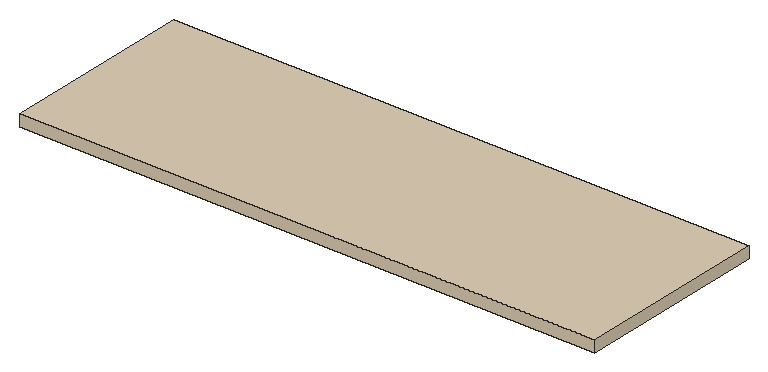
Revit family "Bancada básica", category Furniture, Revit 2016
Family settings
  OmniClass Number = 23.40.20.00
  OmniClass Title = General Furniture and Specialties
  Work Plane-Based = No
  Always vertical = Yes
  Cut with Voids When Loaded = No
  Shared = No
  Room Calculation Point = No
Parameters
  Profundidade [instance] = 50 cm
  Largura [instance] = 150 cm
  Espessura bancada [instance] = 3 cm
  Bancada = Madeira
  Altura da bancada [instance] = 75 cm
Reference planes (cm)
  plane 1 "Centro (Frente/Trás)": y = 0
  plane 2: z = 0
  plane 3 "Centro (Esquerda/Direita)": x = 0
  plane 4: x = 75
  plane 5: x = -75
  plane 6: y = 25
  plane 7: y = -25
  plane 8: z = 75
Forms (cm)
  Extrusion 1, solid, material "Madeira" <- "Bancada"
    sketch origin (0, 0, 0) x (0, 1, 0) y (0, 0, 1)
      loop
        line (-25, 72) -> (25, 72) -> (25, 75) -> (-25, 75) -> (-25, 72)
    from -75 to 75
Dimensions and locks (cm)
  equal spacing: plane 5, plane 3 "Centro (Esquerda/Direita)", plane 4
  "Largura": plane 5 to plane 4
  equal spacing: plane 6, plane 1 "Centro (Frente/Trás)", plane 7
  "Profundidade": plane 6 to plane 7
  "Altura da bancada": plane 8 to level
  "Espessura bancada": Extrusion 1 sketch curve to Extrusion 1 sketch curve
  aligned and locked: level to plane 2
  aligned and locked: plane 8 to Extrusion 1 sketch curve
  aligned and locked: Extrusion 1 sketch curve to plane 7
  aligned and locked: plane 6 to Extrusion 1 sketch curve
  aligned and locked: Extrusion 1 to plane 4
  aligned and locked: plane 5 to Extrusion 1
